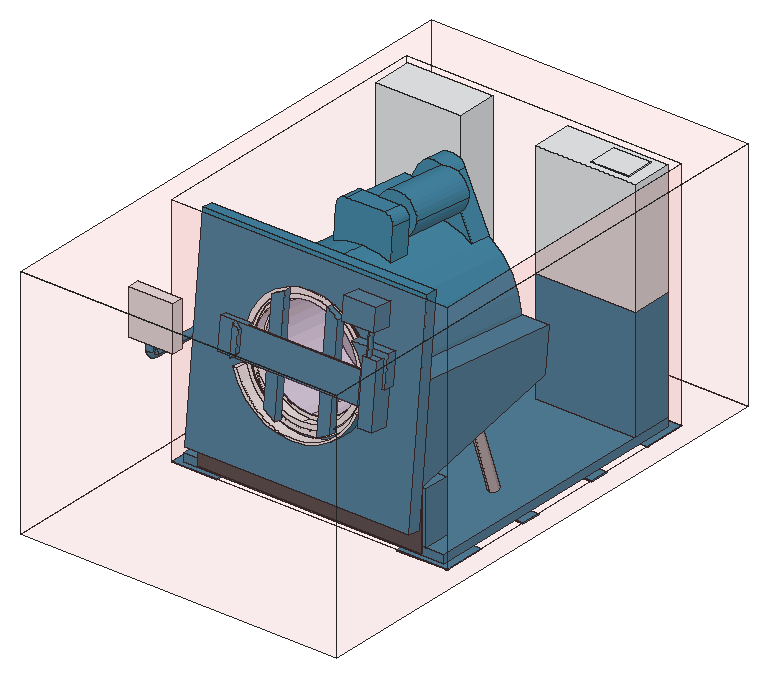
Revit family "Washer_Milnor_700lb-Capacity_72046M5K", category Mechanical Equipment, Revit 2023
Family settings
  Round Connector Dimension = Use Diameter
  Part Type = Normal
  OmniClass Number = 23.45.70.11.14.11
  OmniClass Title = Washing Machines
  Work Plane-Based = Yes
  Always vertical = No
  Cut with Voids When Loaded = No
  Maintain Annotation Orientation = No
  Shared = No
  Room Calculation Point = No
Parameters (values of type "7246M5KCE2018075D")
  doorgas = 28 1/2"
  Warranty Duration (Years) = 5
  Voltage_MEP = 44.5935 V
  Vibration Frequency = 0
  Unit Width = 116 7/16"
  Unit Weight = 17100
  Unit Height = 136 3/4"
  Unit Depth = 124 5/16"
  URL = "http://www.milnor.com/"
  Suspension Type = "Suspended"
  Specification = "https://www.arcat.com/sd/clients/pellerin.html"
  SpecWizard = "https://www.arcat.com/specwizard/11110pmc/index04.htm"
  Send Message = "http://www.arcat.com/users.pl?action=UserEmail&company=Pellerin+Milnor+Corp.&coid=34740&rep=108&fax=504-468-3094&mf="
  Sales Information = "http://www.milnor.com/contact_us.aspx"
  Revision = "R1_08-2018"
  Product Properties = "https://www.arcat.com/arcatcos/cos34/arc34740.html"
  Product Data = "http://www.arcat.com/arcatcos/cos34/arc34740.html"
  Phase = 3
  Number of Poles = 1
  Model = "7246M5KCE2018075D"
  Manufacturer Website = "http://www.milnor.com/"
  Manufacturer Phone - Toll Free = "800-469-8780"
  Manufacturer Phone = "504-467-9591"
  Manufacturer Fax = "504-468-3094"
  Manufacturer Address = "700 Jackson St.   Kenner, LA 70062"
  Manufacturer = "Pellerin Milnor Corp"
  Maintenance Schedule (Months) = 0
  MEP Amperage = 35 A
  Keynote = "11110"
  Interior Finish [instance] = Metal - Stainless Steel - Milnor - as Specified
  Installation-Fabrication = "https://www.arcat.com/catalogs/pellerin/pellerin.html"
  Installation Phase = ""
  Green Building-LEED = "https://www.arcat.com/green/green_building.shtml"
  Frequency = 60 Hz
  Extraction G-Force = "300 Gs"
  Expected Lifespan (Years) = 12
  Dynamic Load = 0.00 kip
  Drawn By = "Sumex Design, Inc. / Robert S. Weygant, CSI, CDT, SCIP"
  Door Opening Depth = 69 5/16"
  Door Opening = 48"
  Door Glazing [instance] = Glazing - Milnor - as Specified
  Door Finish [instance] = Metal - Stainless Steel - Milnor - Powder Coat as Specified
  Clearance Visible [instance] = yes
  Cabinet Front Doodads [instance] = Metal - Stainless Steel - Milnor - Powder Coat as Specified
  Description = "Milnor Commercial Washer Extractor"
  Default Elevation = 48"
  Cylinder Volume = 0.00 CF
  Cylinder Diameter = 68"
  Cylinder Depth = 36"
  Door Base from FF = 23.2"
  Copyright = "©Arcat Inc."
  Construction Details = "https://www.arcat.com/catalogs/pellerin/pellerin.html"
  Capacity = "600-700 lb"
  Cabinet Finish [instance] = Paint - Milnor - Blue
  Assembly Code = "E1010610"
Reference planes (in)
  plane 1 "Center (Front/Back)": y = 0
  plane 2 "Bottom": z = 0
  plane 3 "Center (Left/Right)": x = 0
  plane 4: y = -119.34375
  plane 5: z = 45
  plane 6: y = 50.03125
  plane 7: y = -50.03125
  plane 8: x = -58.21875
  plane 9: x = 58.21875
  plane 10: y = 73.96875
  plane 11: x = 53.125
  plane 12: z = 99.36991
  plane 13: y = 97.90625
Forms (in)
  Extrusion 1, solid, material "Paint - Milnor - Blue" <- "Cabinet Finish"
    sketch origin (0, 0, 0) x (1, 0, 0) y (0, 1, 0)
      loop
        line (-58.21875, -32.03125) -> (-58.21875, -50.03125) -> (-39.21875, -50.03125) -> (-39.21875, -32.03125) -> (-58.21875, -32.03125)
      loop
        line (37, -32.03125) -> (37, -50.03125) -> (58.21875, -50.03125) -> (58.21875, -32.03125) -> (37, -32.03125)
      loop
        line (-39.21875, -2.03125) -> (-58.21875, -2.03125) -> (-58.21875, -10.03125) -> (-39.21875, -10.03125) -> (-39.21875, -2.03125)
      loop
        line (-58.21875, 73.96875) -> (-58.21875, 55.96875) -> (-39.21875, 55.96875) -> (-39.21875, 73.96875) -> (-58.21875, 73.96875)
      loop
        line (37, 73.96875) -> (37, 55.96875) -> (58.21875, 55.96875) -> (58.21875, 73.96875) -> (37, 73.96875)
      loop
        line (-39.21875, 33.96875) -> (-58.21875, 33.96875) -> (-58.21875, 25.96875) -> (-39.21875, 25.96875) -> (-39.21875, 33.96875)
      loop
        line (37, -2.03125) -> (37, -10.03125) -> (58.21875, -10.03125) -> (58.21875, -2.03125) -> (37, -2.03125)
      loop
        line (37, 33.96875) -> (37, 25.96875) -> (58.21875, 25.96875) -> (58.21875, 33.96875) -> (37, 33.96875)
    from 0 to 0.25
  Extrusion 2, solid, material "Paint - Milnor - Black"
    sketch origin (-6.57785, -13.70318, 89.41361) x (0, 0, -1) y (1, 0, 0)
      loop
        circle (84.80775, 8.75) r 0.625
    from -88.59546 to 7.38853
  Extrusion 3, solid, material "Paint - Milnor - Blue" <- "Cabinet Finish"
    sketch origin (0, 0, 0) x (0, 1, 0) y (0, 0, 1)
      loop
        line (-51.69838, 11.91811) -> (-42.56176, 98.84727) -> (-47.53437, 99.36991) -> (-56.67099, 12.44076) -> (-51.69838, 11.91811)
    from -47.36425 to 47.36425
  Extrusion 4, solid, material "Paint - Milnor - Blue" <- "Cabinet Finish"
    sketch origin (0, -56.67099, 12.44076) x (0, 0.104528, 0.994522) y (-1, 0, 0)
      loop
        line (63.34195, -20.19914) -> (50.34195, -20.19914) -> (50.34195, -36.19914) -> (63.34195, -36.19914) -> (63.34195, -20.19914)
    from 0 to 4.277
  Extrusion 5, solid, material "Paint - Milnor - Blue" <- "Cabinet Finish"
    sketch origin (0, -55.88752, 19.89503) x (0, 0.104528, 0.994522) y (-1, 0, 0)
      loop
        line (47.15153, 32.74416) -> (34.15153, 32.74416) -> (34.15153, -26.34959) -> (47.15153, -26.34959) -> (47.15153, 32.74416)
    from 2.77869 to 5.14773
  Extrusion 6, solid, material "Paint - Milnor - Blue" <- "Cabinet Finish"
    sketch origin (0, -56.67099, 12.44076) x (0, 0.104528, 0.994522) y (-1, 0, 0)
      loop
        line (35.14687, -28.71384) -> (35.14687, -34.71384) -> (61.14687, -34.71384) -> (61.14687, -28.71384) -> (35.14687, -28.71384)
    from 0 to 7.70364
  Extrusion 7, solid, material "Paint - Milnor - Blue" <- "Cabinet Finish"
    sketch origin (0, -55.88752, 19.89503) x (0, 0.104528, 0.994522) y (-1, 0, 0)
      loop
        line (47.15153, 26.3125) -> (34.15153, 26.3125) -> (36.27285, 24.19118) -> (45.03021, 24.19118) -> (47.15153, 26.3125)
    from 5.14773 to 6.92948
  Extrusion 8, solid, material "Paint - Milnor - Blue" <- "Cabinet Finish"
    sketch origin (0, -56.67099, 12.44076) x (0, 0.104528, 0.994522) y (-1, 0, 0)
      loop
        line (50.34195, -29.67675) -> (42.34195, -29.67675) -> (42.34195, -31.67675) -> (50.34195, -31.67675) -> (50.34195, -29.67675)
    from 0 to 1.85829
  Extrusion 9, solid, material "Metal - Stainless Steel - Milnor - Powder Coat as Specified" <- "Door Finish"
    sketch origin (0, -55.88752, 19.89503) x (0, 0.104528, 0.994522) y (-1, 0, 0)
      loop
        circle (39.57704, 0) r 26
      loop
        circle (39.57704, 0) r 24
    from 0 to 0.25
  Extrusion 10, void
    sketch origin (0, -56.67099, 12.44076) x (0, -0.104528, -0.994522) y (-1, 0, 0)
      loop
        circle (-47.07237, -2.36425) r 25
    from -4.42404 to 9
  Extrusion 11, solid, material "Metal - Stainless Steel - Milnor - Powder Coat as Specified" <- "Door Finish"
    sketch origin (0, -55.88752, 19.89503) x (0, 0.104528, 0.994522) y (-1, 0, 0)
      loop
        circle (39.57704, 0) r 24
      loop
        circle (39.57704, 0) r 22
    from -5 to 0.125
  Extrusion 12, solid, material "Metal - Stainless Steel - Milnor - Powder Coat as Specified" <- "Door Finish"
    sketch origin (0, -55.88752, 19.89503) x (0, 0.104528, 0.994522) y (-1, 0, 0)
      loop
        circle (39.57704, 0) r 22
      loop
        circle (39.57704, 0) r 20.75
    from -42.18531 to -4
  Extrusion 13, solid, material "Glazing - Milnor - as Specified" <- "Door Glazing"
    sketch origin (0, -55.88752, 19.89503) x (0, 0.104528, 0.994522) y (-1, 0, 0)
      loop
        circle (39.57704, 0) r 20.75
    from -4.75 to -4.25
  Extrusion 14, solid, material "Paint - Milnor - Blue" <- "Cabinet Finish"
    sketch origin (2.83749, -56.64594, 12.67914) x (0, 0.104528, 0.994522) y (-1, 0, 0)
      loop
        arc (37.97157, 29.21249) -> (19.4855, 2.83749) -> (37.97157, -23.53751) r 28.0583
        line (37.97157, -23.53751) -> (37.97157, -22.33875)
        arc (37.97157, -22.33875) -> (20.29951, 2.53625) -> (37.97157, 27.41125) r 26.34292
        line (37.97157, 27.41125) -> (37.97157, 29.21249)
    from 0 to 4.96607
  Extrusion 15, solid, material "Metal - Stainless Steel - Milnor - Powder Coat as Specified" <- "Cabinet Front Doodads"
    sketch origin (70.39204, 23.96875, 99.36991) x (0, 1, 0) y (-1, 0, 0)
      loop
        line (32.27914, 36.44492) -> (32.27914, 20.70001) -> (44.27914, 20.70001) -> (44.27914, 36.44492) -> (32.27914, 36.44492)
    from 0 to 0.125
  Extrusion 16, solid, material "Paint - Milnor - Black"
    sketch origin (0, 70.49846, 0.25) x (0, 0, 1) y (1, 0, 0)
      loop
        circle (74.9785, -34.50451) r 0.25
      loop
        circle (6.9785, -34.50451) r 2
    from 0 to 0.48985
  Extrusion 17, solid, material "ARCAT Clearance", visible <- "Clearance Visible"
    sketch origin (64.26493, 103.11566, 0) x (1, 0, 0) y (0, 1, 0)
      loop
        line (2.76632, -5.20941) -> (-131.17118, -5.20941) -> (-131.17118, -222.45941) -> (2.76632, -222.45941) -> (2.76632, -5.20941)
      loop
        line (-122.48368, -153.14691) -> (-6.04618, -153.14691) -> (-6.04618, -29.14691) -> (-122.48368, -29.14691) -> (-122.48368, -153.14691)
    from 0 to 99.36991
  Revolve 18, solid, material "Paint - Milnor - Blue" <- "Cabinet Finish"
    sketch origin (0, 0, 0) x (0, 1, 0) y (0, 0, 1)
      loop
        line (-46.77798, 58.73262) -> (36.66924, 49.96196) -> (37.98157, 62.44795) -> (22.77323, 85.60977) -> (-43.22401, 92.54636) -> (-46.77798, 58.73262)
      axis (-46.77798, 58.73262) -> (36.66924, 49.96196)
    angle from 0 to 360
  Extrusion 19, solid, material "Paint - Milnor - Blue" <- "Cabinet Finish"
    sketch origin (0, 0, 0) x (1, 0, 0) y (0, 0, 1)
      loop
        line (-54.90625, 3.5) -> (-54.90625, 0.25) -> (54.90625, 0.25) -> (54.90625, 3.5) -> (-54.90625, 3.5)
    from -70.49846 to 47.72029
  Extrusion 20, solid, material "Paint - Milnor - Blue" <- "Cabinet Finish"
    sketch origin (0, 0, 0) x (0, 1, 0) y (0, 0, 1)
      loop
        line (-47.72029, 3.5) -> (-36.72029, 3.5) -> (-36.72029, 25.79376) -> (-47.72029, 25.79376) -> (-47.72029, 3.5)
    from -47.36425 to 47.36425
  Extrusion 21, solid, material "Paint - Milnor - Blue" <- "Cabinet Finish"
    sketch origin (0, 0, 0) x (0, 1, 0) y (0, 0, 1)
      loop
        line (-46.17628, 64.45743) -> (-50.33195, 24.91887) -> (17.93945, 39.61945) -> (19.82096, 57.52084) -> (-46.17628, 64.45743)
    from -45 to -34.125
  Extrusion 22, solid, material "Paint - Milnor - Blue" <- "Cabinet Finish"
    sketch origin (0, 0, 0) x (0, 1, 0) y (0, 0, -1)
      loop
        line (-46.17628, -64.45743) -> (19.82096, -57.52084) -> (17.93945, -39.61945) -> (-50.33195, -24.91887) -> (-46.17628, -64.45743)
    from -45 to -34.125
  Extrusion 23, solid, material "Paint - Milnor - Blue" <- "Cabinet Finish"
    sketch origin (0, 23.96875, 0) x (0, 1, 0) y (0, 0, 1)
      loop
        line (29.52971, 50.72341) -> (29.52971, 3.5) -> (46.52971, 3.5) -> (46.52971, 50.72341) -> (29.52971, 50.72341)
    from 12.63859 to 54.90625
  Extrusion 24, solid, material "Metal - Stainless Steel - Milnor - Powder Coat as Specified" <- "Cabinet Front Doodads"
    sketch origin (0, 23.96875, 0) x (0, 1, 0) y (0, 0, 1)
      loop
        line (46.52971, 50.72341) -> (46.52971, 99.36991) -> (29.52971, 99.36991) -> (29.52971, 50.72341) -> (46.52971, 50.72341)
    from 12.63859 to 54.90625
  Extrusion 25, solid, material "Paint - Milnor - Blue" <- "Cabinet Finish"
    sketch origin (0, 8.57565, -5.98428) x (1, 0, 0) y (0, 0.104528, 0.994522)
      loop
        spline (0, 91.10297) -> (1.5343, 91.07803) -> (3.06623, 91.00325) -> (4.59344, 90.87875) -> (6.11357, 90.70471) -> (7.62428, 90.4814) -> (9.12324, 90.20918) -> (10.60814, 89.88845) -> (12.0767, 89.51971) -> (13.52664, 89.10354) -> (14.95575, 88.64056) -> (16.36181, 88.13151) -> (17.74266, 87.57715)
        line (17.74266, 87.57715) -> (6.11891, 108.49711)
        arc (6.11891, 108.49711) -> (0, 112.09727) -> (-6.11891, 108.49711) r 7
        line (-6.11891, 108.49711) -> (-17.74266, 87.57715)
        spline (-17.74266, 87.57715) -> (-16.36181, 88.13151) -> (-14.95575, 88.64056) -> (-13.52664, 89.10354) -> (-12.0767, 89.51971) -> (-10.60814, 89.88845) -> (-9.12324, 90.20918) -> (-7.62428, 90.4814) -> (-6.11357, 90.70471) -> (-4.59344, 90.87875) -> (-3.06623, 91.00325) -> (-1.5343, 91.07803) -> (0, 91.10297)
    from -4.54561 to 4.46202
  Revolve 26, solid, material "Paint - Milnor - Blue" <- "Cabinet Finish"
    sketch origin (-32, 23.96875, 0) x (0, 1, 0) y (0, 0, 1)
      loop
        line (21.16723, 39.23406) -> (21.16723, 3.5) -> (23.52971, 3.5) -> (23.52971, 8.5) -> (27.54474, 14.23406) -> (27.54474, 39.23406) -> (21.16723, 39.23406)
      axis (21.16723, 39.23406) -> (21.16723, 3.5)
    angle from 0 to 360
  Revolve 27, solid, material "Metal - Stainless Steel - Milnor - as Specified"
    sketch origin (-40, 0, 0) x (0, 1, 0) y (0, 0, 1)
      loop
        line (-2.94357, 3.8942) -> (-1.04563, 4.52493) -> (-10.80664, 33.89713) -> (-12.70458, 33.26641) -> (-2.94357, 3.8942)
      axis (-12.70458, 33.26641) -> (-2.94357, 3.8942)
    angle from 0 to 360
  Revolve 28, solid, material "Metal - Stainless Steel - Milnor - as Specified"
    sketch origin (40, 0, 0) x (0, 1, 0) y (0, 0, -1)
      loop
        line (-2.94357, -3.8942) -> (-12.70458, -33.26641) -> (-10.80664, -33.89713) -> (-1.04563, -4.52493) -> (-2.94357, -3.8942)
      axis (-12.70458, -33.26641) -> (-2.94357, -3.8942)
    angle from 0 to 360
  Extrusion 29, solid, material "Paint - Milnor - Blue" <- "Cabinet Finish"
    sketch origin (0, 0, 0) x (1, 0, 0) y (0, 0, 1)
      loop
        spline (19, 30.69133) -> (16.04552, 29.47412) -> (12.9763, 28.46613) -> (9.8143, 27.67456) -> (6.58212, 27.10507) -> (3.30287, 26.76174) -> (0, 26.64703) -> (-3.30287, 26.76174) -> (-6.58212, 27.10507) -> (-9.8143, 27.67456) -> (-12.9763, 28.46613) -> (-16.04552, 29.47412) -> (-19, 30.69133)
        line (-19, 30.69133) -> (-19, 0) -> (19, 0) -> (19, 30.69133)
    from 21.09171 to 36.72029
  Extrusion 30, solid, material "Paint - Milnor - Blue" <- "Cabinet Finish"
    sketch origin (0.125, 23.96875, 0) x (0, 1, 0) y (0, 0, -1)
      loop
        line (29.52971, -39.23406) -> (46.52971, -39.23406) -> (46.52971, -3.5) -> (29.52971, -3.5) -> (29.52971, -39.23406)
    from 19.125 to 55.03125
  Extrusion 31, solid, material "Metal - Stainless Steel - Milnor - Powder Coat as Specified" <- "Cabinet Front Doodads"
    sketch origin (0.125, 23.96875, 0) x (0, 1, 0) y (0, 0, -1)
      loop
        line (46.52971, -39.23406) -> (29.52971, -39.23406) -> (29.52971, -99.36991) -> (46.52971, -99.36991) -> (46.52971, -39.23406)
    from 19.125 to 55.03125
  Extrusion 32, solid, material "Paint - Milnor - Black"
    sketch origin (28.41978, 70.74846, 126.34642) x (0, 0, -1) y (0, -1, 0)
      loop
        circle (84.80775, 8.75) r 1
      loop
        circle (99.55775, 8.75) r 1
      loop
        circle (114.30775, 8.75) r 1
      loop
        circle (118.55775, 8.75) r 1
    from -20.96134 to -16.58022
  Extrusion 33, solid, material "Metal - Stainless Steel - Milnor - Powder Coat as Specified" <- "Cabinet Front Doodads"
    sketch origin (0, -0.07454, 0) x (0, 1, 0) y (0, 0, 1)
      loop
        line (-58.32307, 50.33861) -> (-58.32307, 69.33861) -> (-62.94807, 69.33861) -> (-62.94807, 50.33861) -> (-58.32307, 50.33861)
    from -66.11425 to -47.36425
  Sweep 34, solid, material "Paint - Milnor - Blue" <- "Cabinet Finish"
    path origin (1.89869, -3.97671, 0) x (0.066507, 0.997786, 0) y (0, 0, 1)
      loop
        line (-60.58506, 50.33861) -> (-60.58506, 47)
        arc (-60.58506, 47) -> (-59.99927, 45.58579) -> (-58.58506, 45) r 2
        line (-58.58506, 45) -> (-36.88557, 45)
        arc (-36.88557, 45) -> (-35.47135, 44.41421) -> (-34.88557, 43) r 2
        line (-34.88557, 43) -> (-34.88557, 39)
    profile origin (-2.13064, -64.42762, 48.6693) x (0.997786, -0.066507, 0) y (0.066507, 0.997786, 0)
      loop
        circle (-56.73925, 0) r 1.5
  Extrusion 35, solid, material "Paint - Milnor - Blue" <- "Cabinet Finish"
    sketch origin (-0.09158, 0.35348, 0) x (1, 0, 0) y (0, 1, 0)
      loop
        circle (-56.92858, -35.33473) r 1.75
    from 0 to 39
  Extrusion 36, solid, material "Paint - Milnor - Black"
    sketch origin (0, 0, 0) x (0, 1, 0) y (0, 0, 1)
      loop
        line (-50.03125, 25.0188) -> (-50.15625, 25.0188) -> (-50.15625, 2.2688) -> (-50.03125, 2.2688) -> (-50.03125, 25.0188)
    from -47.36425 to 47.36425
  Revolve 37, solid, material "Paint - Milnor - Blue" <- "Cabinet Finish"
    sketch origin (0, 0, 0) x (0, 1, 0) y (0, 0, 1)
      loop
        line (-21.09171, 18.5) -> (-21.09171, 10.5) -> (-15.09171, 10.5) -> (-15.09171, 21.5) -> (-17.09171, 21.5) -> (-17.09171, 18.5) -> (-21.09171, 18.5)
      axis (-15.09171, 21.5) -> (-15.09171, 10.5)
    angle from 0 to 360
  Revolve 38, solid, material "Paint - Milnor - Blue" <- "Cabinet Finish"
    sketch origin (0, 0, 0) x (0, 1, 0) y (0, 0, 1)
      loop
        line (-19.72029, 10.5) -> (-19.72029, 3.5) -> (-19.22029, 3.5) -> (-19.22029, 10.5) -> (-19.72029, 10.5)
      axis (-19.22029, 10.5) -> (-19.22029, 3.5)
    angle from 0 to 360
  Extrusion 39, solid, material "Paint - Milnor - Blue" <- "Cabinet Finish"
    sketch origin (0, -56.13615, 19.92116) x (0, 0.104528, 0.994522) y (-1, 0, 0)
      loop
        line (60.37393, 14.047) -> (18.62473, 14.047) -> (15.62473, 8.85085) -> (63.37393, 8.85085) -> (60.37393, 14.047)
      loop
        line (60.37393, -14.047) -> (63.37393, -8.85085) -> (15.63848, -8.85085) -> (18.63848, -14.047) -> (60.37393, -14.047)
    from 0 to 2.77869
  Revolve 40, void
    sketch origin (0, 0, 0) x (0, 1, 0) y (0, 0, 1)
      loop
        line (-45.47287, 80.71663) -> (-47.7725, 58.83714) -> (-9.79638, 54.84569) -> (-7.49675, 76.72517) -> (-45.47287, 80.71663)
      axis (-9.79638, 54.84569) -> (-47.7725, 58.83714)
    angle from 0 to 360
  Revolve 41, solid, material "Metal - Stainless Steel - Milnor - as Specified" <- "Interior Finish"
    sketch origin (0, -7.67768, 0.80696) x (0, 1, 0) y (0, 0, 1)
      loop
        line (0.05027, 74.67507) -> (-1.12854, 74.79896) -> (-3.29751, 54.16263) -> (-2.11869, 54.03874) -> (0.05027, 74.67507)
      axis (-3.29751, 54.16263) -> (-2.11869, 54.03874)
    angle from 0 to 360
  Extrusion 42, solid, material "Paint - Milnor - Blue" <- "Cabinet Finish"
    sketch origin (0, -9.19259, 0.48176) x (1, 0, 0) y (0, 0.104528, 0.994522)
      loop
        line (8, 102.71882) -> (-8, 102.71882)
        arc (-8, 102.71882) -> (-10.82843, 101.54725) -> (-12, 98.71882) r 4
        line (-12, 98.71882) -> (-12, 82.71882) -> (12, 82.71882) -> (12, 98.71882)
        arc (12, 98.71882) -> (10.82843, 101.54725) -> (8, 102.71882) r 4
    from 13.71072 to 22.28306
  Extrusion 43, solid, material "Paint - Milnor - Blue" <- "Cabinet Finish"
    sketch origin (0, 0, 0) x (0, 1, 0) y (0, 0, 1)
      loop
        line (-13.8581, 87.25977) -> (13.58623, 84.37526) -> (14.9451, 97.30404) -> (-12.49923, 100.18856) -> (-13.8581, 87.25977)
    from -12 to 0
  Extrusion 44, solid, material "Paint - Milnor - Blue" <- "Cabinet Finish"
    sketch origin (0, -9.44386, 0.49493) x (1, 0, 0) y (0, 0.104528, 0.994522)
      loop
        circle (6.57246, 98.84727) r 8.5
    from -14.13604 to 13.45945
  Extrusion 45, solid, material "Paint - Milnor - Blue" <- "Cabinet Finish"
    sketch origin (0, -54.68495, 31.33667) x (0, 0.104528, 0.994522) y (-1, 0, 0)
      loop
        line (51.86926, -19.19914) -> (51.86926, -32.66588) -> (61.14687, -32.66588) -> (61.14687, -19.19914) -> (51.86926, -19.19914)
    from 0 to 7.70364
  Revolve 46, solid, material "Paint - Milnor - Blue" <- "Cabinet Finish"
    sketch origin (30, -1.98904, 0.20906) x (0, 1, 0) y (0, 0, 1)
      loop
        line (-53.09386, 83.32441) -> (-53.83975, 83.40281) -> (-54.85602, 73.73367) -> (-54.11012, 73.65528) -> (-53.09386, 83.32441)
      axis (-53.09386, 83.32441) -> (-54.11012, 73.65528)
    angle from 0 to 360
Cuts and joins
  Extrusion 10 cuts Extrusion 3
  Extrusion 10 cuts Extrusion 4
  Extrusion 10 cuts Extrusion 5
  Extrusion 10 cuts Extrusion 7
  joined: Revolve 37, Revolve 38
  Revolve 40 cuts Revolve 18
  joined: Revolve 18, Extrusion 42
  joined: Extrusion 25, Extrusion 43, Extrusion 44
Lines and regions (in)
  symbolic lines, style "MechanicalEquipmentHiddenLines"
    curve 1: line (-58.21875, 26.03125, 0) -> (65.84375, 26.03125, 0)
Dimensions and locks (in)
  equal spacing: plane 6, plane 1 "Center (Front/Back)", plane 7
  locked: plane 6 to plane 7 at 100.0625
  equal spacing: plane 8, plane 3 "Center (Left/Right)", plane 9
  "Unit Width": plane 8 to plane 9
  locked: plane 7 to plane 4 at 69.3125
  level to Extrusion 20 = 25.79376"
  locked: plane 10 to plane 6 at 23.9375
  equal spacing: plane 13, plane 10, plane 6
  aligned and locked: Extrusion 17 to plane 12
  aligned and locked: plane 13 to Extrusion 17
  aligned and locked: Extrusion 17 to Extrusion 1 sketch curve
  aligned and locked: Extrusion 1 sketch curve to plane 10  (x2)
  aligned and locked: Extrusion 1 sketch curve to Extrusion 17
  aligned and locked: plane 3 "Center (Left/Right)" to Extrusion 43
Automatic sketch dimensions
  curve 1 to plane 8 = 0"
  plane 9 to curve 1 = 7 5/8"
  curve 1 to plane 6 = 24"
  Extrusion 1 sketch curve to plane 8 = 0"  (x3)
  Extrusion 1 sketch curve to plane 7 = 0"  (x2)
  Extrusion 1 sketch curve to plane 9 = 0"  (x3)
  plane 1 "Center (Front/Back)" to Extrusion 1 sketch curve = 2 1/32"  (x2)
  Extrusion 1 sketch curve to Extrusion 1 sketch curve = 19"  (x3)
  plane 8 to Extrusion 1 sketch curve = 19"
  plane 11 to Extrusion 1 sketch curve = 16 1/8"  (x4)
  plane 7 to Extrusion 1 sketch curve = 18"  (x2)
  plane 1 "Center (Front/Back)" to Extrusion 1 sketch curve = 10 1/32"
  Extrusion 1 sketch curve to Extrusion 1 sketch curve = 8"  (x3)
  Extrusion 1 sketch curve to plane 6 = 24 1/16"  (x2)
  plane 6 to Extrusion 1 sketch curve = 5 15/16"  (x2)
  plane 3 "Center (Left/Right)" to Extrusion 2 sketch curve = 2.17215"
  level to Extrusion 2 sketch curve = 4.60586"
  Extrusion 3 sketch curve to plane 12 = 0"
  Extrusion 3 sketch curve to plane 7 = 6.63974"
  Extrusion 3 sketch curve to plane 7 = 1.66713"
  plane 7 to Extrusion 3 sketch curve = 2.49688"
  Extrusion 3 sketch curve to Extrusion 3 sketch curve = 0.52264"
  Extrusion 3 to Extrusion 4 sketch curve = 37.06603"
  Extrusion 4 sketch curve to Extrusion 4 sketch curve = 13"
  Extrusion 3 to Extrusion 4 sketch curve = 11.1651"
  Extrusion 4 sketch curve to Extrusion 4 sketch curve = 16"
  plane 8 to Extrusion 5 sketch curve = 25.47459"
  Extrusion 5 sketch curve to Extrusion 5 sketch curve = 13"
  plane 3 "Center (Left/Right)" to Extrusion 5 sketch curve = 26.34959"
  Extrusion 3 to Extrusion 6 sketch curve = 35.14687"
  Extrusion 3 to Extrusion 6 sketch curve = 12.65041"
  Extrusion 6 sketch curve to Extrusion 6 sketch curve = 26"
  Extrusion 6 sketch curve to Extrusion 6 sketch curve = 6"
  Extrusion 7 sketch curve to plane 3 "Center (Left/Right)" = 26 5/16"
  Extrusion 7 sketch curve to plane 3 "Center (Left/Right)" = 24.19118"
  Extrusion 7 sketch curve to Extrusion 7 sketch curve = 2.12132"  (x2)
  Extrusion 7 sketch curve to Extrusion 7 sketch curve = 8.75736"
  Extrusion 3 to Extrusion 8 sketch curve = 17 11/16"
  Extrusion 3 to Extrusion 8 sketch curve = 42.34195"
  Extrusion 8 sketch curve to Extrusion 8 sketch curve = 8"
  Extrusion 8 sketch curve to Extrusion 8 sketch curve = 2"
  Extrusion 9 sketch curve to Extrusion 9 sketch curve = 0"  (x2)
  Extrusion 9 sketch curve to plane 3 "Center (Left/Right)" = 0"
  Extrusion 10 sketch curve to Extrusion 3 = 40.33561"
  Extrusion 10 sketch curve to Extrusion 3 = 45"
  Extrusion 11 sketch curve to Extrusion 11 sketch curve = 0"  (x2)
  Extrusion 11 sketch curve to plane 3 "Center (Left/Right)" = 0"
  Extrusion 12 sketch curve to Extrusion 12 sketch curve = 0"  (x2)
  Extrusion 12 sketch curve to plane 3 "Center (Left/Right)" = 0"
  Extrusion 13 sketch curve to plane 3 "Center (Left/Right)" = 0"
  Extrusion 3 to Extrusion 14 sketch curve = 20.98925"
  Extrusion 3 to Extrusion 14 sketch curve = 38.21126"  (x2)
  Extrusion 14 sketch curve to Extrusion 14 sketch curve = 8.67086"
  Extrusion 14 sketch curve to Extrusion 14 sketch curve = 0.90137"
  Extrusion 14 sketch curve to Extrusion 14 sketch curve = 1.80124"
  Extrusion 14 sketch curve to Extrusion 14 sketch curve = 24.57376"
  Extrusion 14 sketch curve to Extrusion 14 sketch curve = 0.30124"
  plane 6 to Extrusion 15 sketch curve = 6.21664"
  Extrusion 15 sketch curve to plane 10 = 5.72086"
  plane 11 to Extrusion 15 sketch curve = 3.43298"
  Extrusion 15 sketch curve to Extrusion 15 sketch curve = 15.7449"
  level to Extrusion 16 sketch curve = 7.2285"
  Extrusion 16 sketch curve to plane 12 = 24.14141"
  plane 8 to Extrusion 16 sketch curve = 23.71424"  (x2)
  Extrusion 17 sketch curve to plane 13 = 0"
  Extrusion 17 sketch curve to plane 4 = 0"
  Extrusion 17 sketch curve to plane 8 = 0"
  Extrusion 17 sketch curve to plane 7 = 0"
  Extrusion 17 sketch curve to plane 9 = 0"
  Extrusion 17 sketch curve to plane 10 = 0"
  Extrusion 17 sketch curve to plane 8 = 8 11/16"
  plane 9 to Extrusion 17 sketch curve = 8 13/16"
  plane 7 to Revolve 18 sketch curve = 3.25327"
  plane 7 to Revolve 18 sketch curve = 6.80724"
  Revolve 18 sketch curve to plane 1 "Center (Front/Back)" = 22.77323"
  plane 5 to Revolve 18 sketch curve = 4.96196"
  Revolve 18 sketch curve to plane 6 = 13.36201"
  Revolve 18 sketch curve to plane 6 = 12.04968"
  level to Revolve 18 sketch curve = 58.73262"
  Revolve 18 sketch curve to Revolve 18 sketch curve = 3.97809"
  plane 5 to Revolve 18 sketch curve = 6.83374"
  Revolve 18 sketch curve to Revolve 18 sketch curve = 17.80878"
  Revolve 18 sketch curve to Revolve 18 sketch curve = 0.41811"
  level to Extrusion 19 sketch curve = 1/4"
  plane 8 to Extrusion 19 sketch curve = 3 5/16"
  Extrusion 19 sketch curve to plane 11 = 1 25/32"
  Extrusion 19 sketch curve to Extrusion 19 sketch curve = 3 1/4"
  plane 7 to Extrusion 20 sketch curve = 2.31096"
  Extrusion 20 sketch curve to Extrusion 20 sketch curve = 11"
  level to Extrusion 20 sketch curve = 3 1/2"
  Extrusion 20 sketch curve to plane 5 = 19.20624"
  Extrusion 21 sketch curve to plane 7 = 0.3007"
  plane 7 to Extrusion 21 sketch curve = 3.85497"
  Extrusion 21 sketch curve to plane 5 = 5.38055"
  Extrusion 21 sketch curve to plane 1 "Center (Front/Back)" = 17.93945"
  plane 5 to Extrusion 21 sketch curve = 12.52084"
  Extrusion 21 sketch curve to Extrusion 21 sketch curve = 1.88151"
  Extrusion 22 sketch curve to plane 7 = 0.3007"
  plane 7 to Extrusion 22 sketch curve = 3.85497"
  Extrusion 22 sketch curve to plane 5 = 5.38055"
  Extrusion 22 sketch curve to plane 1 "Center (Front/Back)" = 17.93945"
  plane 5 to Extrusion 22 sketch curve = 12.52084"
  Extrusion 22 sketch curve to Extrusion 22 sketch curve = 1.88151"
  plane 6 to Extrusion 23 sketch curve = 3.46721"
  Extrusion 23 sketch curve to plane 10 = 3.47029"
  level to Extrusion 23 sketch curve = 3 1/2"
  plane 5 to Extrusion 23 sketch curve = 5.72341"
  Extrusion 24 sketch curve to plane 12 = 0"
  plane 6 to Extrusion 24 sketch curve = 3.46721"
  Extrusion 24 sketch curve to plane 10 = 3.47029"
  plane 5 to Extrusion 24 sketch curve = 5.72341"
  Extrusion 25 sketch curve to plane 3 "Center (Left/Right)" = 0"  (x2)
  Extrusion 25 sketch curve to plane 3 "Center (Left/Right)" = 6.11891"
  Extrusion 25 sketch curve to plane 3 "Center (Left/Right)" = 17.74266"
  plane 3 "Center (Left/Right)" to Extrusion 25 sketch curve = 6.11891"
  plane 3 "Center (Left/Right)" to Extrusion 25 sketch curve = 17.74266"
  Extrusion 25 sketch curve to Extrusion 25 sketch curve = 0"  (x2)
  Extrusion 25 sketch curve to Extrusion 25 sketch curve = 17.52012"
  Extrusion 25 sketch curve to Extrusion 25 sketch curve = 3.39985"
  plane 11 to Extrusion 25 sketch curve = 14 1/32"
  Extrusion 25 sketch curve to Extrusion 25 sketch curve = 28.84453"
  Revolve 26 sketch curve to plane 6 = 4.89527"
  Revolve 26 sketch curve to plane 6 = 2.53279"
  plane 6 to Revolve 26 sketch curve = 1.48224"
  level to Revolve 26 sketch curve = 3 1/2"
  Revolve 26 sketch curve to Revolve 26 sketch curve = 5"
  Revolve 26 sketch curve to Revolve 26 sketch curve = 5.73406"
  Revolve 26 sketch curve to plane 5 = 5.76594"
  Revolve 26 sketch curve to Revolve 26 sketch curve = 0"  (x3)
  plane 1 "Center (Front/Back)" to Revolve 27 sketch curve = 12.70458"
  Revolve 27 sketch curve to Revolve 27 sketch curve = 1.89794"
  plane 1 "Center (Front/Back)" to Revolve 27 sketch curve = 2.94357"
  level to Revolve 27 sketch curve = 3.8942"
  Revolve 27 sketch curve to Revolve 27 sketch curve = 0.63073"
  Revolve 27 sketch curve to Revolve 27 sketch curve = 0.77316"
  Revolve 27 sketch curve to Revolve 27 sketch curve = 0"  (x2)
  Revolve 27 sketch curve to Revolve 27 sketch curve = 2.32653"
  plane 1 "Center (Front/Back)" to Revolve 28 sketch curve = 12.70458"
  Revolve 28 sketch curve to Revolve 28 sketch curve = 1.89794"
  plane 1 "Center (Front/Back)" to Revolve 28 sketch curve = 2.94357"
  Revolve 28 sketch curve to plane 5 = 11.10287"
  Revolve 28 sketch curve to Revolve 28 sketch curve = 0.63073"
  Revolve 28 sketch curve to Revolve 28 sketch curve = 1.24402"
  Revolve 28 sketch curve to Revolve 28 sketch curve = 0"  (x2)
  Revolve 28 sketch curve to Revolve 28 sketch curve = 3.74343"
  Extrusion 29 sketch curve to level = 0"
  Extrusion 29 sketch curve to plane 3 "Center (Left/Right)" = 0"
  Extrusion 29 sketch curve to plane 3 "Center (Left/Right)" = 19"
  plane 3 "Center (Left/Right)" to Extrusion 29 sketch curve = 19"
  Extrusion 29 sketch curve to plane 5 = 14.30867"
  plane 11 to Extrusion 29 sketch curve = 14 1/32"
  plane 5 to Extrusion 29 sketch curve = 13.73262"
  plane 6 to Extrusion 30 sketch curve = 3.46721"
  Extrusion 30 sketch curve to plane 10 = 3.47029"
  Extrusion 30 sketch curve to plane 5 = 5.76594"
  level to Extrusion 30 sketch curve = 3 1/2"
  Extrusion 31 sketch curve to plane 12 = 0"
  plane 6 to Extrusion 31 sketch curve = 3.46721"
  Extrusion 31 sketch curve to plane 10 = 3.47029"
  Extrusion 31 sketch curve to plane 5 = 5.76594"
  Extrusion 32 sketch curve to plane 5 = 3.46133"
  Extrusion 32 sketch curve to Extrusion 32 sketch curve = 14 3/4"
  level to Extrusion 32 sketch curve = 12.03867"
  Extrusion 32 sketch curve to Extrusion 32 sketch curve = 4 1/4"
  plane 6 to Extrusion 32 sketch curve = 11.96721"  (x3)
  Extrusion 32 sketch curve to Extrusion 32 sketch curve = 0"
  plane 5 to Extrusion 33 sketch curve = 5.33861"
  Extrusion 33 sketch curve to plane 7 = 12.99136"
  Extrusion 33 sketch curve to Extrusion 33 sketch curve = 4 5/8"
  Extrusion 33 sketch curve to Extrusion 33 sketch curve = 19"
  Sweep 34 sketch curve to plane 5 = 0"
  plane 5 to Sweep 34 sketch curve = 2"
  Sweep 34 sketch curve to plane 5 = 2"
  Sweep 34 sketch curve to Sweep 34 sketch curve = 21.69949"
  Sweep 34 sketch curve to Sweep 34 sketch curve = 4"
  Sweep 34 sketch curve to Sweep 34 sketch curve = 3.33861"
  profile plane to Sweep 34 sketch curve = 0"
  Sweep 34 sketch curve to profile plane = 56.73925"
  plane 8 to Extrusion 35 sketch curve = 1.19859"
  plane 7 to Extrusion 35 sketch curve = 15.04999"
  Extrusion 36 sketch curve to plane 7 = 0"
  Extrusion 36 sketch curve to plane 7 = 1/8"
  level to Extrusion 36 sketch curve = 2.2688"
  Extrusion 36 sketch curve to plane 5 = 19.9812"
  plane 1 "Center (Front/Back)" to Revolve 37 sketch curve = 21.09171"
  Revolve 37 sketch curve to Revolve 37 sketch curve = 4"
  Revolve 37 sketch curve to Revolve 37 sketch curve = 6"
  level to Revolve 37 sketch curve = 10 1/2"
  Revolve 37 sketch curve to Revolve 37 sketch curve = 8"
  Revolve 37 sketch curve to Revolve 37 sketch curve = 3"
  Revolve 37 sketch curve to Revolve 37 sketch curve = 0"  (x3)
  level to Revolve 38 sketch curve = 3 1/2"
  plane 1 "Center (Front/Back)" to Revolve 38 sketch curve = 19.72029"
  Revolve 38 sketch curve to Revolve 38 sketch curve = 1/2"
  Revolve 38 sketch curve to Revolve 38 sketch curve = 7"
  Revolve 38 sketch curve to Revolve 38 sketch curve = 0"  (x3)
  Extrusion 39 sketch curve to plane 3 "Center (Left/Right)" = 8.85085"
  plane 3 "Center (Left/Right)" to Extrusion 39 sketch curve = 8.85085"
  Extrusion 39 sketch curve to Extrusion 39 sketch curve = 0.01375"
  Extrusion 39 sketch curve to Extrusion 39 sketch curve = 3"  (x4)
  plane 3 "Center (Left/Right)" to Extrusion 39 sketch curve = 14.047"
  Extrusion 39 sketch curve to Extrusion 39 sketch curve = 41.73545"
  Extrusion 39 sketch curve to plane 3 "Center (Left/Right)" = 14.047"
  Extrusion 39 sketch curve to Extrusion 39 sketch curve = 0"
  plane 7 to Revolve 40 sketch curve = 2.25875"
  plane 7 to Revolve 40 sketch curve = 4.55838"
  plane 1 "Center (Front/Back)" to Revolve 40 sketch curve = 9.79638"
  plane 5 to Revolve 40 sketch curve = 9.84569"
  Revolve 40 sketch curve to Revolve 40 sketch curve = 3.99145"
  Revolve 40 sketch curve to Revolve 40 sketch curve = 0"  (x2)
  Revolve 40 sketch curve to Revolve 40 sketch curve = 0.99452"
  Revolve 40 sketch curve to Revolve 40 sketch curve = 0.10453"
  plane 1 "Center (Front/Back)" to Revolve 41 sketch curve = 10.97519"
  Revolve 41 sketch curve to Revolve 41 sketch curve = 1.17882"
  plane 1 "Center (Front/Back)" to Revolve 41 sketch curve = 8.80623"
  plane 5 to Revolve 41 sketch curve = 9.84569"
  Revolve 41 sketch curve to Revolve 41 sketch curve = 0.1239"
  Revolve 41 sketch curve to Revolve 41 sketch curve = 0"  (x2)
  Revolve 41 sketch curve to Revolve 41 sketch curve = 0.06434"
  Revolve 41 sketch curve to Revolve 41 sketch curve = 0.00676"
  Extrusion 42 sketch curve to plane 3 "Center (Left/Right)" = 12"
  Extrusion 42 sketch curve to Extrusion 42 sketch curve = 4"  (x2)
  plane 3 "Center (Left/Right)" to Extrusion 42 sketch curve = 8"
  Extrusion 42 sketch curve to Extrusion 42 sketch curve = 16"
  plane 1 "Center (Front/Back)" to Extrusion 43 sketch curve = 13.8581"
  plane 12 to Extrusion 43 sketch curve = 0.81865"
  plane 1 "Center (Front/Back)" to Extrusion 43 sketch curve = 12.49923"
  Extrusion 43 sketch curve to plane 1 "Center (Front/Back)" = 13.58623"
  Extrusion 43 sketch curve to plane 12 = 2.06587"
  plane 3 "Center (Left/Right)" to Extrusion 44 sketch curve = 6.57246"
  Extrusion 3 to Extrusion 45 sketch curve = 16.53872"
  Extrusion 3 to Extrusion 45 sketch curve = 7.26112"
  Extrusion 3 to Extrusion 45 sketch curve = 14.69837"
  Extrusion 45 sketch curve to Extrusion 45 sketch curve = 13.46673"
  Revolve 46 sketch curve to plane 7 = 6.81381"
  Revolve 46 sketch curve to Revolve 46 sketch curve = 0.74589"
  Revolve 46 sketch curve to plane 7 = 5.79754"
  Revolve 46 sketch curve to plane 12 = 25.50557"
  Revolve 46 sketch curve to Revolve 46 sketch curve = 0.0784"
  Revolve 46 sketch curve to Revolve 46 sketch curve = 0"  (x4)
  radius of Extrusion 2 sketch curve = 5/8"
  radius of Extrusion 9 sketch curve = 26"
  radius of Extrusion 9 sketch curve = 24"
  radius of Extrusion 10 sketch curve = 25"
  radius of Extrusion 11 sketch curve = 24"
  radius of Extrusion 11 sketch curve = 22"
  radius of Extrusion 12 sketch curve = 22"
  radius of Extrusion 12 sketch curve = 20 3/4"
  radius of Extrusion 13 sketch curve = 20 3/4"
  radius of Extrusion 16 sketch curve = 1/4"
  radius of Extrusion 16 sketch curve = 2"
  radius of Extrusion 32 sketch curve = 1"  (x4)
  radius of Sweep 34 sketch curve = 1 1/2"
  radius of Extrusion 35 sketch curve = 1 3/4"
  radius of Extrusion 44 sketch curve = 8 1/2"
Connectors (in)
  piping at (2.17215, 74.89227, 4.60586), diameter 1.25
    settings: on Extrusion 2, index 9, connector inside diameter 1 1/4", connector length 0", flow factor 0, pipe flow 0 GPM, pressure drop 0.00 psi, fitting loss kfactor 0, connector angle 0.00°, fixture units 0, engagement length 0", angle of deflection 0.00°, flow configuration 0, flow direction 1, fitting loss method 0, system type 29, joint type 0, gender type 0, connector reference index -1, connector utility 0, adjustable connector no, is connector primary yes, connector description "Steam Inlet"
  electrical at (41.81957, 62.24789, 99.49491)
    settings: on Extrusion 15, index 14, voltage 0 V, apparent load 0 VA, apparent load phase1 0 VA, apparent load phase2 0 VA, apparent load phase3 0 VA, power factor 1, load classification "Other", number of poles 1, system type 31, power factor state 1, is connector primary yes, connector utility no, sub classification motor no, connector description ""
  hvac at (-34.50451, 70.9883, 75.2285)
    settings: on Extrusion 16, index 15, duct flow 0 CFM, flow factor 0, pres drop 0.00 in-wg, loss coef 0, conn angle 0.00°, conn width 12", conn height 12", conn diameter 1/4", duct sys type 1, conn prof type 0, flow config 0, flow direction 0, loss method 0, conn ref index -1, conn util no, is conn primary yes, conn desc ""
  piping at (-34.50451, 70.9883, 7.2285), diameter 4
    settings: on Extrusion 16, index 16, connector inside diameter 24", connector length 0", flow factor 0, pipe flow 0 GPM, pressure drop 0.00 psi, fitting loss kfactor 0, connector angle 0.00°, fixture units 0, engagement length 0", angle of deflection 0.00°, flow configuration 0, flow direction 0, fitting loss method 0, system type 17, joint type 0, gender type 0, connector reference index -1, connector utility 0, adjustable connector no, is connector primary no, connector description ""
  piping at (49.38111, 61.99846, 41.53867), diameter 1.5
    settings: on Extrusion 32, index 17, connector inside diameter 24", connector length 0", flow factor 0, pipe flow 0 GPM, pressure drop 0.00 psi, fitting loss kfactor 0, connector angle 0.00°, fixture units 0, engagement length 0", angle of deflection 0.00°, flow configuration 0, flow direction 0, fitting loss method 0, system type 19, joint type 0, gender type 0, connector reference index -1, connector utility 0, adjustable connector no, is connector primary no, connector description ""
  piping at (49.38111, 61.99846, 41.53867), diameter 1.5
    settings: on Extrusion 32, index 18, connector inside diameter 24", connector length 0", flow factor 0, pipe flow 0 GPM, pressure drop 0.00 psi, fitting loss kfactor 0, connector angle 0.00°, fixture units 0, engagement length 0", angle of deflection 0.00°, flow configuration 0, flow direction 1, fitting loss method 0, system type 19, joint type 0, gender type 0, connector reference index -1, connector utility 0, adjustable connector no, is connector primary no, connector description ""
  piping at (49.38111, 61.99846, 26.78867), diameter 1.5
    settings: on Extrusion 32, index 19, connector inside diameter 24", connector length 0", flow factor 0, pipe flow 0 GPM, pressure drop 0.00 psi, fitting loss kfactor 0, connector angle 0.00°, fixture units 0, engagement length 0", angle of deflection 0.00°, flow configuration 0, flow direction 1, fitting loss method 0, system type 20, joint type 0, gender type 0, connector reference index -1, connector utility 0, adjustable connector no, is connector primary no, connector description ""
  piping at (49.38111, 61.99846, 12.03867), diameter 1.5
    settings: on Extrusion 32, index 20, connector inside diameter 24", connector length 0", flow factor 0, pipe flow 0 GPM, pressure drop 0.00 psi, fitting loss kfactor 0, connector angle 0.00°, fixture units 0, engagement length 0", angle of deflection 0.00°, flow configuration 0, flow direction 1, fitting loss method 0, system type 22, joint type 0, gender type 0, connector reference index -1, connector utility 0, adjustable connector no, is connector primary no, connector description ""
  piping at (49.38111, 61.99846, 7.78867), diameter 1.5
    settings: on Extrusion 32, index 21, connector inside diameter 24", connector length 0", flow factor 0, pipe flow 0 GPM, pressure drop 0.00 psi, fitting loss kfactor 0, connector angle 0.00°, fixture units 0, engagement length 0", angle of deflection 0.00°, flow configuration 0, flow direction 1, fitting loss method 0, system type 8, joint type 0, gender type 0, connector reference index -1, connector utility 0, adjustable connector no, is connector primary no, connector description ""
